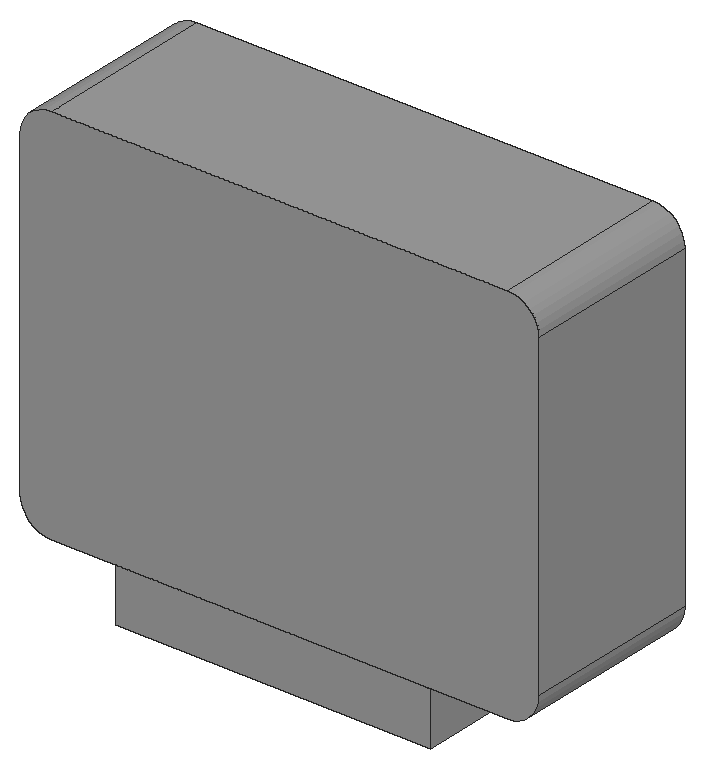
Revit family "KEUCO_14967010001", category Allgemeines Modell, Revit 2016
Family settings
  Teiletyp = Normal
  Kann Basisbauteil für Bewehrung sein = Nein
  Bemaßung runder Anschluss = Durchmesser verwenden
  Arbeitsebenenbasiert = Ja
  Immer vertikal = Nein
  Beim Laden mit Abzugskörper schneiden = Nein
  Gemeinsam genutzt = Nein
  Raumberechnungspunkt = Nein
Parameters (values of type "14967170001")
  Default Elevation = 1219.2 mm
  Verwendung = "WC"  # constant formula
  URL = "https://www.keuco.com/de/produkte/sortiment/artikel/?pid=14967&oid=1&pgo=17&country=de&lang=de&vid=14967170001"
  Serie = "Plan"  # constant formula
  Stange Material = Edelstahl
  Rail Length = 851 mm
  Preisgruppe = ""
  Materialien bei Hersteller anfragen = "Anfrage zu:  objektmanagement@keuco.de"
  Kategorie = "ACC"  # constant formula
  Hersteller = "KEUCO"  # constant formula
  Gewicht = 2.718
  Beschreibung = "mit Deckel und Gehäuse aus Metall,\r\nmit herausnehmbarer Kunststoff-Innenbox (lichtgrau),\r\nfür maximale Packungsgröße 145 x 102 x 43 mm"
  Assembly Code = ""
  Ausschreibungstext = "KEUCO PLAN Feuchtpapierbox, 14967170001\r\nhochglanzverchromtes Deckel und \r\nGehäuse aus silber-eloxiertem Alumiun (E6 EV1),\r\nherausnehmbare Kunststoff-Innenbox in lichtgrau (RAL 7035),\r\nin ästhetischem, funktionalem Design, Ecken gerundet,\r\nWandmodell, leicht zu reinigen,\r\nHöhe 58 mm, Breite 165 mm, Ausladung 139 mm,\r\nfür maximale Packungsgröße 145 mm x 102 mm x 43 mm,\r\ndie Feuchtpapierbox wird verdeckt angebracht,\r\nLieferung inkl. korrosionsfreiem Befestigungsmaterial"
  Artikelnummer = "14967170001"
Types (3, lengths in mm): name | URL | Stange Material | Materialien bei Hersteller anfragen | Ausschreibungstext | Artikelnummer
  14967070001 | "https://www.keuco.com/de/produkte/sortiment/artikel/?pid=14967&oid=1&pgo=17&country=de&lang=de&vid=14967070001" | Edelstahl | "Request to:  objektmanagement@keuco.de" | "KEUCO PLAN Feuchtpapierbox, 14967070001\r\nDeckel und Gehäuse aus Metall in Edelstahl-Optik,\r\nherausnehmbare Kunststoff-Innenbox in lichtgrau (RAL 7035),\r\nin ästhetischem, funktionalem Design, Ecken gerundet,\r\nWandmodell, leicht zu reinigen,\r\nHöhe 58 mm, Breite 165 mm, Ausladung 139 mm,\r\nfür maximale Packungsgröße 145 mm x 102 mm x 43 mm,\r\ndie Feuchtpapierbox wird verdeckt angebracht,\r\nLieferung inkl. korrosionsfreiem Befestigungsmaterial" | "14967070001"
  14967170001 | "https://www.keuco.com/de/produkte/sortiment/artikel/?pid=14967&oid=1&pgo=17&country=de&lang=de&vid=14967170001" | Edelstahl | "Anfrage zu:  objektmanagement@keuco.de" | "KEUCO PLAN Feuchtpapierbox, 14967170001\r\nhochglanzverchromtes Deckel und \r\nGehäuse aus silber-eloxiertem Alumiun (E6 EV1),\r\nherausnehmbare Kunststoff-Innenbox in lichtgrau (RAL 7035),\r\nin ästhetischem, funktionalem Design, Ecken gerundet,\r\nWandmodell, leicht zu reinigen,\r\nHöhe 58 mm, Breite 165 mm, Ausladung 139 mm,\r\nfür maximale Packungsgröße 145 mm x 102 mm x 43 mm,\r\ndie Feuchtpapierbox wird verdeckt angebracht,\r\nLieferung inkl. korrosionsfreiem Befestigungsmaterial" | "14967170001"
  14967010001 | "https://www.keuco.com/de/produkte/sortiment/artikel/?pid=14967&oid=1&pgo=17&country=de&lang=de&vid=14967010001" | Verchromt | "Request to:  objektmanagement@keuco.de" | "KEUCO PLAN Feuchtpapierbox, 14967010001\r\nmit hochglanzverchromtem Deckel und Gehäuse aus Metall,\r\nherausnehmbare Kunststoff-Innenbox in lichtgrau (RAL 7035),\r\nin ästhetischem, funktionalem Design, Ecken gerundet,\r\nWandmodell, leicht zu reinigen,\r\nHöhe 58 mm, Breite 165 mm, Ausladung 139 mm,\r\nfür maximale Packungsgröße 145 mm x 102 mm x 43 mm,\r\ndie Feuchtpapierbox wird verdeckt angebracht,\r\nLieferung inkl. korrosionsfreiem Befestigungsmaterial" | "14967010001"
Reference planes
  plane 1 "Center (Front/Back)": y = 0
  plane 2: z = 0
  plane 3 "Center (Left/Right)": x = 0
Forms (mm)
  Extrusion 1, solid, material "Edelstahl" <- "Stange Material"
    sketch origin (0, 0, 0) x (1, 0, 0) y (0, 0, 1)
      loop
        line (-72.5, 17) -> (72.5, 17)
        arc (72.5, 17) -> (79.571, 19.929) -> (82.5, 27) r 10
        line (82.5, 27) -> (82.5, 129)
        arc (82.5, 129) -> (79.571, 136.071) -> (72.5, 139) r 10
        line (72.5, 139) -> (-72.5, 139)
        arc (-72.5, 139) -> (-79.571, 136.071) -> (-82.5, 129) r 10
        line (-82.5, 129) -> (-82.5, 27)
        arc (-82.5, 27) -> (-79.571, 19.929) -> (-72.5, 17) r 10
    from 0 to -57.789
  Extrusion 2, solid, material "Edelstahl" <- "Stange Material"
    sketch origin (0, 0, 0) x (1, 0, 0) y (0, 0, 1)
      loop
        line (-51.957, 17) -> (-51.957, 0) -> (48.036, 0) -> (48.036, 17) -> (-51.957, 17)
    from -50.736 to 0
Dimensions and locks
  aligned and locked: level to plane 2
